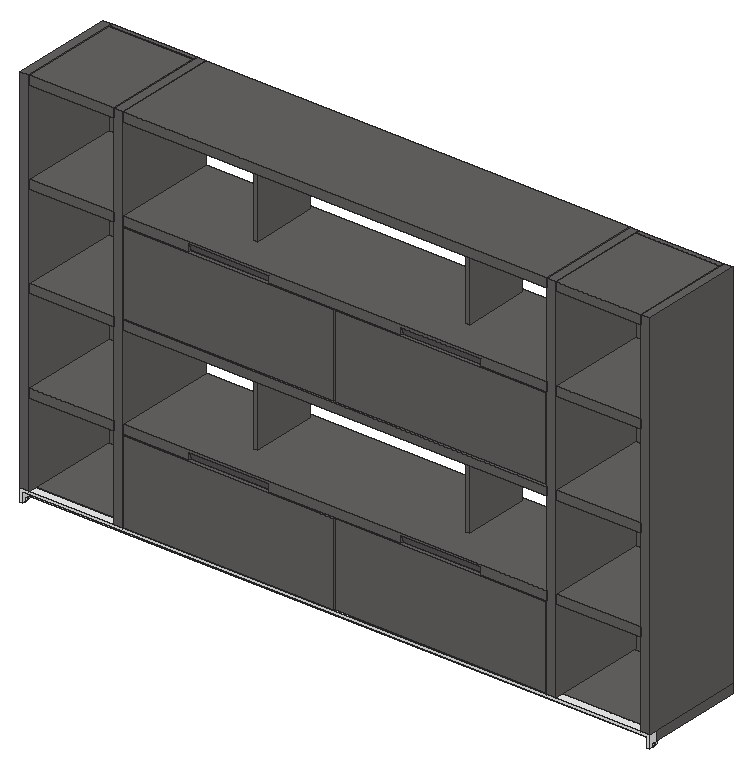
Revit family "Bookcase-Teknion-ZXBE_Storage_Front_Shelves-R2011", category Furniture Systems, Revit 2013
Parameters (values of type "18"x108"X66", Lateral File Drawers")
  Has Right File Drawer = yes
  Has Left File Drawer = yes
  Width = 108.819"
  Warranty = "http://www.teknionstudio.com/pdfs/Teknion%20Studio%20Warranty.pdf"
  Unit Weight = 780.00 lbf
  Unit Finish [instance] = Veneer - Teknion - P7 - Grey Oak
  URL = "www.teknionstudio.com"
  Series = "B&B Italia"
  Product Page URL = "http://www.teknionstudio.com/acexecutive/"
  Product Line = "AC Executive"
  Product Documentation Link = "http://www.teknionstudio.com/pricing/ac_executive_ppg.pdf"
  Percentage of Recycled Content = 0
  Part Number = "ZXBE"
  Model = "ZXBE1810866F"
  Manufacturer Phone = "919-464-2920"
  Manufacturer Fax = "919-464-2927"
  Manufacturer Email = "customersupport@teknionstudio.com"
  Manufacturer Address = "3940 US 70 Business HWY West, Clayton, NC 27520"
  Manufacturer = "Teknion Studio"  # constant formula
  Low Emitting Material = yes
  Low Emitting Finish = yes
  Height = 66.712"
  Has Right Hidden Box = no
  Has Left Hidden Box = no
  Description = "Bookcase w/Storage & Front Access Shlvs, 18\"dx108\"wx66\"h, Lat File Drawers"
  Depth = 18.000"
  Assembly Code = "E2020200"
Types (5): name | Model | Has Right Hidden Box | Has Left Hidden Box | Description
  (no name) | "ZXBE1810866F" | no | no | "Bookcase w/Storage & Front Access Shlvs, 18\"dx108\"wx66\"h, Lat File Drawers"
  18"x108"x66", Hidden Box, Lateral File Drawer | "ZXBE1810866B" | yes | yes | "Bookcase w/Storage & Front Access Shlvs, 18\"dx108\"wx66\"h, Hidden Box & Lat File Drawer"
  18"x108"X66", Lateral File Drawers | "ZXBE1810866F" | no | no | "Bookcase w/Storage & Front Access Shlvs, 18\"dx108\"wx66\"h, Lat File Drawers"
  18"x108"x66", Left Lateral File, Right Hidden Box/Lateral File | "ZXBE1810866X" | yes | no | "Bookcase w/Storage & Front Access Shlvs, 18\"dx108\"wx66\"h, Lt Lat File, Rt Hidden Box/Lat File"
  18"x108"x66", Left Hidden Box/Lateral File, Right Lateral File | "ZXBE1810866Y" | no | yes | "Bookcase w/Storage & Front Access Shlvs, 18\"dx108\"wx66\"h, Lt Hidden Box/Lat File, Rt Lat File"
Reference planes (in)
  plane 1 "Center F/B": y = 0
  plane 2: z = 0
  plane 3 "L": x = -29.014
  plane 4 "Back": y = 9
  plane 5 "Front": y = -9
  plane 6 "Flip up Cabinets Top": z = 50.56622
  plane 7 "R": x = 44.372
  plane 8: z = 18.27467
  plane 9: z = 34.42045
  plane 10: z = 2.1289
  plane 11 "Center (Left/Right)": x = 7.679
  plane 12 "Foot Centerline": y = -8.2126
  plane 13 "Top": z = 66.712
  plane 14: x = -46.7305
  plane 15: x = 62.0885
  plane 16: x = 26.02446
Forms (in)
  Sweep 1, solid, material "Metal - Teknion - C6 - Chrome"
    path origin (0, 0, 0) x (1, 0, 0) y (0, 0, 1)
      loop
        line (-46.7305, 0.05803) -> (-46.7305, 2.1289) -> (62.0885, 2.1289) -> (62.0885, 0.05803)
    profile origin (7.679, 0, 2.1289) x (0, 0, 1) y (0, -1, 0)
      loop
        line (0, 9) -> (-0.394, 9) -> (-0.394, 7.4252) -> (0, 7.4252) -> (0, 9)
  Sweep 2, solid, material "Metal - Teknion - C6 - Chrome"
    path origin (0, 0, 0) x (1, 0, 0) y (0, 0, 1)
      loop
        line (-46.7305, 2.1289) -> (62.0885, 2.1289)
    profile origin (7.679, 0, 2.1289) x (0, 0, 1) y (0, -1, 0)
      loop
        line (-0.394, 7.6222) -> (-1.5748, 7.6222) -> (-1.5748, 7.4252) -> (-0.394, 7.4252) -> (-0.394, 7.6222)
  Revolve 3, solid, material "Metal - Teknion - C6 - Chrome"
    sketch origin (-17.717, -8.2126, 0) x (0, 0, -1) y (1, 0, 0)
      loop
        line (-0.4911, -28.817) -> (-0.4911, -29.15165) -> (-0.45173, -29.19102) -> (-0.28492, -29.19102) -> (-0.24555, -29.15165) -> (-0.20618, -29.19102) -> (-0.03937, -29.19102) -> (0, -29.15165) -> (0, -28.817) -> (-0.4911, -28.817)
      axis (0, -28.817) -> (-0.4911, -28.817)
    angle from 0 to 360
  Sweep 4, solid, material "Veneer - Teknion - P7 - Grey Oak" <- "Unit Finish"
    path origin (0, 0, 0) x (1, 0, 0) y (0, 0, 1)
      loop
        line (-29.014, 18.27467) -> (44.372, 18.27467)
    profile origin (7.679, 0, 18.27467) x (0, 0, 1) y (0, -1, 0)
      loop
        line (0, 9) -> (-1.5394, 9) -> (-1.5394, -9) -> (0, -9) -> (0, 9)
      loop
        line (30.75218, -9) -> (32.29155, -9) -> (32.29155, 9) -> (30.75218, 9) -> (30.75218, -9)
      loop
        line (16.14578, 9) -> (14.60641, 9) -> (14.60641, -9) -> (16.14578, -9) -> (16.14578, 9)
  Sweep 5, solid, material "Veneer - Teknion - P7 - Grey Oak" <- "Unit Finish"
    path origin (0, 0, 15.40683) x (-1, 0, 0) y (0, -1, 0)
      loop
        line (-7.679, -8.25197) -> (-7.679, 3.1417)
    profile origin (7.679, 2.55513, 15.40683) x (1, 0, 0) y (0, 0, 1)
      loop
        line (-18.6428, 49.76577) -> (-18.6428, 35.15939) -> (-18.04831, 35.15939) -> (-18.04831, 49.76577) -> (-18.6428, 49.76577)
      loop
        line (18.6428, 49.76577) -> (18.04831, 49.76577) -> (18.04831, 35.15939) -> (18.6428, 35.15939) -> (18.6428, 49.76577)
      loop
        line (-18.6428, 17.47422) -> (-18.6428, 2.86784) -> (-18.04831, 2.86784) -> (-18.04831, 17.47422) -> (-18.6428, 17.47422)
      loop
        line (18.6428, 17.47422) -> (18.04831, 17.47422) -> (18.04831, 2.86784) -> (18.6428, 2.86784) -> (18.6428, 17.47422)
  Sweep 6, solid, material "Veneer - Teknion - P7 - Grey Oak" <- "Unit Finish"
    path origin (0, 0, 48.43733) x (1, 0, 0) y (0, 0, 1)
      loop
        line (-29.014, 18.27467) -> (44.372, 18.27467)
    profile origin (7.679, 0, 66.712) x (0, 0, 1) y (0, -1, 0)
      loop
        line (0, 9) -> (-1.5394, 9) -> (-1.5394, -9) -> (0, -9) -> (0, 9)
      loop
        line (-64.5831, -9) -> (-64.5831, 7.4252) -> (-66.15791, 7.4252) -> (-66.15791, -9) -> (-64.5831, -9)
  Sweep 7, solid, material "Veneer - Teknion - P7 - Grey Oak" <- "Unit Finish"
    path origin (0, 0, -4) x (1, 0, 0) y (0, 0, 1)
      loop
        line (-29.014, 38.42045) -> (44.372, 38.42045)
    profile origin (7.679, 0, 34.42045) x (0, 0, 1) y (0, -1, 0)
      loop
        line (14.60641, -8.25197) -> (0, -8.25197) -> (0, -9) -> (14.60641, -9) -> (14.60641, -8.25197)
      loop
        line (-17.68515, -8.25197) -> (-32.29155, -8.25197) -> (-32.29155, -9) -> (-17.68515, -9) -> (-17.68515, -8.25197)
  Revolve 8, solid, material "Metal - Teknion - C6 - Chrome"
    sketch origin (33.075, -8.2126, 0) x (0, 0, -1) y (-1, 0, 0)
      loop
        line (-0.4911, -28.817) -> (-0.4911, -29.15165) -> (-0.45173, -29.19102) -> (-0.28492, -29.19102) -> (-0.24555, -29.15165) -> (-0.20618, -29.19102) -> (-0.03937, -29.19102) -> (0, -29.15165) -> (0, -28.817) -> (-0.4911, -28.817)
      axis (0, -28.817) -> (-0.4911, -28.817)
    angle from 0 to 360
  Sweep 9, solid, material "Veneer - Teknion - P7 - Grey Oak" <- "Unit Finish"
    path origin (0, 0, 0) x (1, 0, 0) y (0, 1, 0)
      loop
        line (7.679, -9) -> (7.679, -8.2756)
    profile origin (7.679, -8.6378, 0) x (-1, 0, 0) y (0, 0, 1)
      loop
        line (36.443, 16.48527) -> (0.125, 16.48527) -> (0.125, 2.3789) -> (36.443, 2.3789) -> (36.443, 16.48527)
      loop
        line (-36.443, 16.48527) -> (-36.443, 2.3789) -> (-0.125, 2.3789) -> (-0.125, 16.48527) -> (-36.443, 16.48527)
      loop
        line (36.443, 34.67045) -> (36.443, 48.77682) -> (0.125, 48.77682) -> (0.125, 34.67045) -> (36.443, 34.67045)
      loop
        line (-36.443, 34.67045) -> (-0.125, 34.67045) -> (-0.125, 48.77682) -> (-36.443, 48.77682) -> (-36.443, 34.67045)
  Sweep 10, void
    path origin (0, -9, 0) x (1, 0, 0) y (0, 0, 1)
      loop
        line (-17.55631, 0) -> (-3.77681, 0)
    profile origin (-10.66656, -9, 0) x (0, 0, 1) y (0, -1, 0)
      loop
        line (16.73527, 0) -> (16.73527, -0.4724) -> (17.88078, 0) -> (16.73527, 0)
      loop
        line (49.02685, 0) -> (49.02685, -0.4724) -> (50.17236, 0) -> (49.02685, 0)
  Sweep 11, void
    path origin (33.54374, -9, 0) x (1, 0, 0) y (0, 0, 1)
      loop
        line (-14.40893, 0) -> (-0.62943, 0)
    profile origin (26.02456, -9, 0) x (0, 0, 1) y (0, -1, 0)
      loop
        line (16.73527, 0) -> (16.73527, -0.4724) -> (17.88078, 0) -> (16.73527, 0)
      loop
        line (49.02685, 0) -> (49.02685, -0.4724) -> (50.17236, 0) -> (49.02685, 0)
Cuts and joins
  joined: Sweep 1, Sweep 2, Revolve 3
  Sweep 10, Sweep 11 cuts Sweep 4
  Sweep 10, Sweep 11 cuts Sweep 6
  Sweep 10, Sweep 11 cuts Sweep 9
Lines and regions (in)
  Masking region 1
    outline origin (0, 0, 15.40683) x (-1, 0, 0) y (0, -1, 0)
      loop
        line (29.014, -9) -> (29.014, 9) -> (-44.372, 9) -> (-44.372, -9) -> (29.014, -9)
  symbolic lines, style "Elevation Swing"
    curve 1: line (-28.764, -9, 48.77682) -> (-10.60495, -9, 34.67045)
    curve 2: line (-10.60495, -9, 34.67045) -> (7.554, -9, 48.77682)
    curve 3: line (7.804, -9, 48.77682) -> (25.96295, -9, 34.65862)
    curve 4: line (25.96295, -9, 34.65862) -> (44.122, -9, 48.77682)
  symbolic lines, style "FurnitureSystemsHiddenLines", visible <- "Has Left Hidden Box"
    curve 5: line (-28.01646, -9, 11.36517) -> (6.68354, -9, 11.36517)
    curve 6: line (-28.01646, -9, 15.73527) -> (-28.01646, -9, 11.36517)
    curve 7: line (6.68354, -9, 15.73527) -> (-28.01646, -9, 15.73527)
    curve 8: line (6.68354, -9, 11.36517) -> (6.68354, -9, 15.73527)
  symbolic lines, style "FurnitureSystemsHiddenLines", visible <- "Has Right Hidden Box"
    curve 9: line (43.37446, -9, 11.36517) -> (8.67446, -9, 11.36517)
    curve 10: line (43.37446, -9, 15.73527) -> (43.37446, -9, 11.36517)
    curve 11: line (8.67446, -9, 15.73527) -> (43.37446, -9, 15.73527)
    curve 12: line (8.67446, -9, 11.36517) -> (8.67446, -9, 15.73527)
  symbolic lines, style "FurnitureSystemsHiddenLines", visible <- "Has Left File Drawer"
    curve 13: line (-28.01646, -9, 2.96517) -> (6.68354, -9, 2.96517)
    curve 14: line (-28.01646, -9, 9.66517) -> (-28.01646, -9, 2.96517)
    curve 15: line (6.68354, -9, 9.66517) -> (-28.01646, -9, 9.66517)
    curve 16: line (6.68354, -9, 2.96517) -> (6.68354, -9, 9.66517)
  symbolic lines, style "FurnitureSystemsHiddenLines", visible <- "Has Right File Drawer"
    curve 17: line (43.37446, -9, 2.96517) -> (8.67446, -9, 2.96517)
    curve 18: line (43.37446, -9, 9.66517) -> (43.37446, -9, 2.96517)
    curve 19: line (8.67446, -9, 9.66517) -> (43.37446, -9, 9.66517)
    curve 20: line (8.67446, -9, 2.96517) -> (8.67446, -9, 9.66517)
Dimensions and locks (in)
  equal spacing: plane 4 "Back", plane 1 "Center F/B", plane 5 "Front"
  "Depth": plane 4 "Back" to plane 5 "Front"
  "Height": plane 13 "Top" to plane 2
  locked: plane 10 to plane 2 at 2.1289
  locked: Sweep 1 sketch curve to plane 2 at 0.05803  (x2)
  locked: plane 10 to Sweep 2 sketch curve at 0.394
  locked: Sweep 2 sketch curve to Sweep 2 sketch curve at 1.1808
  plane 5 "Front" to Sweep 2 sketch curve to Sweep 2 sketch curve = 1.3778" locked, 0.197" locked
  locked: plane 5 "Front" to plane 12 "Foot Centerline" at 0.7874
  locked: plane 8 to Sweep 4 sketch curve at 1.5394
  locked: plane 6 "Flip up Cabinets Top" to Sweep 4 sketch curve at 1.53937
  equal spacing: plane 13 "Top", plane 6 "Flip up Cabinets Top", plane 9, plane 8, plane 10
  locked: plane 9 to Sweep 4 sketch curve at 1.53937
  locked: plane 13 "Top" to Sweep 6 sketch curve at 1.5394
  locked: plane 10 to Sweep 6 sketch curve at 1.5748
  locked: Sweep 6 sketch curve to plane 5 "Front" at 1.5748
  locked: Sweep 5 sketch curve to Sweep 5 sketch curve at 0.59449  (x4)
  locked: plane 4 "Back" to Sweep 5 sketch curve at 0.74803
  locked: plane 4 "Back" to Sweep 5 sketch curve at 12.1417
  locked: plane 13 "Top" to Sweep 5 sketch curve at 1.5394
  locked: plane 9 to Sweep 5 sketch curve at 1.5394
  plane 9 to Sweep 5 sketch curve = 1.5394"
  locked: Sweep 5 sketch curve to plane 3 "L" at 18.0502  (x2)
  locked: plane 7 "R" to Sweep 5 sketch curve at 18.0502  (x2)
  locked: plane 4 "Back" to Sweep 7 sketch curve at 0.74803  (x2)
  locked: plane 8 to Sweep 7 sketch curve at 1.53937
  locked: plane 6 "Flip up Cabinets Top" to Sweep 7 sketch curve at 1.53937
  Revolve 3 sketch curve to Revolve 3 sketch curve to Revolve 3 sketch curve to Revolve 3 sketch curve to Revolve 3 sketch curve = 0.16681" locked, 0.03937" locked, 0.03937" locked, 0.16681" locked
  plane 3 "L" to Revolve 3 sketch curve = 17.520"
  Revolve 8 sketch curve to Revolve 8 sketch curve to Revolve 8 sketch curve to Revolve 8 sketch curve to Revolve 8 sketch curve = 0.16681" locked, 0.03937" locked, 0.03937" locked, 0.16681" locked
  Revolve 8 sketch curve to plane 7 "R" = 17.520"
  equal spacing: plane 14, plane 11 "Center (Left/Right)", plane 15
  "Width": plane 14 to plane 15
  locked: plane 5 "Front" to Sweep 9 sketch curve at 0.7244
  locked: Sweep 9 sketch curve to plane 3 "L" at 0.25  (x2)
  locked: plane 8 to Sweep 9 sketch curve at 1.7894  (x2)
  locked: plane 11 "Center (Left/Right)" to Sweep 9 sketch curve at 0.125
  locked: Sweep 9 sketch curve to plane 10 at 0.25  (x2)
  locked: Sweep 9 sketch curve to plane 11 "Center (Left/Right)" at 0.125
  locked: plane 7 "R" to Sweep 9 sketch curve at 0.25
  Sweep 9 sketch curve to plane 11 "Center (Left/Right)" to Sweep 9 sketch curve = 0.125" locked, 0.125" locked
  locked: Sweep 9 sketch curve to plane 7 "R" at 0.25
  locked: plane 6 "Flip up Cabinets Top" to Sweep 9 sketch curve at 1.7894  (x2)
  locked: Sweep 9 sketch curve to plane 9 at 0.25  (x2)
  locked: plane 8 to Sweep 10 sketch curve at 1.5394
  locked: plane 6 "Flip up Cabinets Top" to Sweep 10 sketch curve at 1.53937
  locked: plane 6 "Flip up Cabinets Top" to Sweep 11 sketch curve at 1.53937
  locked: plane 8 to Sweep 11 sketch curve at 1.5394
  locked: curve 7 to curve 5 at 4.3701
  locked: plane 14 to plane 3 "L" at 17.7165
  locked: plane 7 "R" to plane 15 at 17.7165
  locked: curve 6 to curve 8 at 34.7
  locked: plane 8 to curve 7 at 2.5394
  Sweep 10 sketch curve to Sweep 10 sketch curve to plane 3 "L" = 13.7795" locked, 11.45769" locked
  Sweep 11 sketch curve to Sweep 11 sketch curve to plane 7 "R" = 13.7795" locked, 11.45769" locked
  locked: plane 11 "Center (Left/Right)" to curve 8 at 0.99546
  locked: curve 11 to curve 9 at 4.3701
  locked: curve 10 to curve 12 at 34.7
  locked: curve 12 to plane 11 "Center (Left/Right)" at 0.99546
  locked: plane 8 to curve 11 at 2.5394
  locked: curve 15 to curve 13 at 6.7
  locked: curve 14 to curve 16 at 34.7
  locked: curve 5 to curve 15 at 1.7
  locked: curve 19 to curve 17 at 6.7
  locked: curve 18 to curve 20 at 34.7
  locked: curve 9 to curve 19 at 1.7
  curve 20 to plane 11 "Center (Left/Right)" to curve 16 = 0.99546" locked, 0.99546" locked
  plane 5 "Front" to cut or joined group of Sweep 1, Sweep 2, Revolve 3 = 1.5748"
  aligned and locked: level to plane 2
  aligned and locked: Sweep 1 sketch curve to plane 10  (x2)
  aligned and locked: Sweep 1 sketch curve to plane 5 "Front"
  aligned and locked: Sweep 2 sketch curve to plane 10
  aligned and locked: Sweep 4 sketch curve to plane 8  (x2)
  aligned and locked: Sweep 4 sketch curve to plane 5 "Front"  (x2)
  aligned and locked: plane 4 "Back" to Sweep 4 sketch curve  (x3)
  aligned and locked: Masking region 1 sketch curve to plane 4 "Back"
  aligned and locked: plane 3 "L" to Masking region 1 sketch curve
  aligned and locked: Masking region 1 sketch curve to plane 5 "Front"
  aligned and locked: Sweep 5 sketch curve to plane 11 "Center (Left/Right)"
  aligned and locked: plane 6 "Flip up Cabinets Top" to Sweep 5 sketch curve
  aligned and locked: Sweep 4 sketch curve to plane 6 "Flip up Cabinets Top"
  aligned and locked: plane 9 to Sweep 4 sketch curve
  aligned and locked: plane 5 "Front" to Sweep 4 sketch curve
  aligned and locked: Sweep 6 sketch curve to plane 4 "Back"  (x2)
  aligned and locked: plane 5 "Front" to Sweep 6 sketch curve
  aligned and locked: plane 13 "Top" to Sweep 6 sketch curve
  aligned and locked: plane 3 "L" to Sweep 6 sketch curve
  aligned and locked: plane 7 "R" to Sweep 6 sketch curve
  aligned and locked: Sweep 6 sketch curve to plane 13 "Top"
  aligned and locked: Sweep 6 sketch curve to plane 10
  aligned and locked: Sweep 5 sketch curve to plane 8
  aligned and locked: plane 8 to Sweep 5 sketch curve
  aligned and locked: Sweep 7 sketch curve to plane 9  (x2)
  aligned and locked: plane 4 "Back" to Sweep 7 sketch curve  (x2)
  aligned and locked: Sweep 7 sketch curve to plane 10
  aligned and locked: Revolve 3 sketch curve to plane 2
  aligned and locked: plane 2 to Revolve 8 sketch curve
  aligned and locked: Sweep 1 sketch curve to plane 14
  aligned and locked: Sweep 1 sketch curve to plane 15
  aligned and locked: plane 14 to Sweep 2 sketch curve
  aligned and locked: plane 15 to Sweep 2 sketch curve
  aligned and locked: plane 5 "Front" to Sweep 9 sketch curve
  aligned and locked: plane 11 "Center (Left/Right)" to Sweep 9 sketch curve
  aligned and locked: Sweep 10 sketch curve to plane 2
  aligned and locked: plane 5 "Front" to Sweep 10 sketch curve  (x2)
  aligned and locked: plane 5 "Front" to Sweep 11 sketch curve  (x2)
  aligned and locked: curve 2 to cut or joined group of Sweep 9, Sweep 10, Sweep 11
  aligned and locked: curve 1 to cut or joined group of Sweep 9, Sweep 10, Sweep 11
  aligned and locked: cut or joined group of Sweep 9, Sweep 10, Sweep 11 to curve 1
  aligned and locked: cut or joined group of Sweep 9, Sweep 10, Sweep 11 to cut or joined group of Sweep 9, Sweep 10, Sweep 11
  aligned and locked: cut or joined group of Sweep 9, Sweep 10, Sweep 11 to curve 2
  aligned and locked: cut or joined group of Sweep 9, Sweep 10, Sweep 11 to curve 4
  aligned and locked: curve 4 to cut or joined group of Sweep 9, Sweep 10, Sweep 11
  aligned and locked: curve 3 to cut or joined group of Sweep 9, Sweep 10, Sweep 11
  aligned and locked: cut or joined group of Sweep 9, Sweep 10, Sweep 11 to curve 3
  aligned and locked: plane 3 "L" to Sweep 4 sketch curve
  aligned and locked: plane 7 "R" to Sweep 4 sketch curve
  aligned and locked: plane 3 "L" to Sweep 7 sketch curve
  aligned and locked: plane 7 "R" to Sweep 7 sketch curve
  aligned and locked: plane 3 "L" to nested 1
  aligned and locked: plane 7 "R" to nested 2
  aligned and locked: plane 1 "Center F/B" to nested 2
  aligned and locked: plane 1 "Center F/B" to nested 1
Automatic sketch dimensions
  profile plane to Sweep 1 sketch curve = 0.394"
  Sweep 1 sketch curve to Sweep 1 sketch curve = 1.5748"
  level to Revolve 3 sketch curve = 0.03937"
  Revolve 3 sketch curve to plane 3 "L" = 17.85465"  (x2)
  Revolve 3 sketch curve to Revolve 3 sketch curve = 0.03937"  (x3)
  Revolve 3 sketch curve to Revolve 3 sketch curve = 0.73976"
  Revolve 3 sketch curve to level = 0.43399"
  Revolve 3 sketch curve to plane 3 "L" = 17.520"
  Masking region 1 sketch curve to plane 7 "R" = 0.000"
  Sweep 5 sketch curve to Sweep 5 sketch curve = 17.68518"
  Sweep 5 sketch curve to Sweep 5 sketch curve = 14.60638"
  Revolve 8 sketch curve to level = 0.03937"
  Revolve 8 sketch curve to plane 7 "R" = 17.85465"  (x2)
  Revolve 8 sketch curve to Revolve 8 sketch curve = 0.03937"  (x3)
  Revolve 8 sketch curve to Revolve 8 sketch curve = 0.73976"
  level to Revolve 8 sketch curve = 0.43399"
  Revolve 8 sketch curve to plane 7 "R" = 17.520"
  Sweep 11 sketch curve to level = 0.000"
  plane 9 to curve 1 = 0.250"
  curve 1 to plane 11 "Center (Left/Right)" = 18.28395"
  plane 9 to curve 3 = 0.23817"
  plane 11 "Center (Left/Right)" to curve 3 = 18.28395"
  Sweep 10 sketch curve to Sweep 10 sketch curve = 1.14551"  (x2)
  Sweep 10 sketch curve to Sweep 10 sketch curve = 0.4724"
  Sweep 10 sketch curve to plane 5 "Front" = 0.4724"
  Sweep 11 sketch curve to Sweep 11 sketch curve = 1.14551"  (x2)
  Sweep 11 sketch curve to Sweep 11 sketch curve = 0.4724"
  Sweep 11 sketch curve to plane 5 "Front" = 0.4724"
Nested families (in)
  nested 1: "Bookcase-Unit-Teknion-Front_Shelves" at (-37.8725, 0, 0), type "Front Access Shelves"
  nested 2: "Bookcase-Unit-Teknion-Front_Shelves" at (53.2305, 0, 0), type "Front Access Shelves"
Definition of nested family "Bookcase-Unit-Teknion-Front_Shelves"
  Parameters (values of type "Front Access Shelves")
    Width = 17.717"
    Wall Unit Finish = Veneer - Teknion - P7 - Grey Oak
    URL = ""
    Model = ""
    Manufacturer = "Teknion Studio"  # constant formula
    Height = 66.712"
    Description = ""
    Depth = 18.000"
    Assembly Code = "E2010200"
  Reference planes (in)
    plane 1 "Center F/B": y = 0
    plane 2: z = 0
    plane 3 "Center L/R": x = 0
    plane 4 "Left": x = -8.8585
    plane 5 "Right": x = 8.8585
    plane 6 "Back": y = 9
    plane 7 "Front": y = -9
    plane 8 "Top": z = 66.712
    plane 9: x = -7.31913
    plane 10: x = 7.31913
    plane 11: z = 2.1289
    plane 12: z = 50.56622
    plane 13: z = 34.42045
    plane 14: z = 18.27467
  Forms (in)
    Sweep 1, solid, material "Veneer - Teknion - P7 - Grey Oak" <- "Wall Unit Finish"
      path origin (0, -9, 0) x (1, 0, 0) y (0, 0, 1)
        loop
          line (0, 2.1289) -> (0, 66.712)
      profile origin (0, -9, 34.42045) x (-1, 0, 0) y (0, -1, 0)
        loop
          line (7.31913, -18) -> (7.31913, -17.25) -> (-7.31913, -17.25) -> (-7.31913, -18) -> (7.31913, -18)
    Sweep 2, solid, material "Veneer - Teknion - P7 - Grey Oak" <- "Wall Unit Finish"
      path origin (0, 0, 0) x (1, 0, 0) y (0, 1, 0)
        loop
          line (0, 9) -> (0, -9)
      profile origin (0, 0, 0) x (1, 0, 0) y (0, 0, 1)
        loop
          line (-8.8585, 66.712) -> (-8.8585, 2.1289) -> (-7.31913, 2.1289) -> (-7.31913, 66.712) -> (-8.8585, 66.712)
        loop
          line (7.31913, 66.712) -> (7.31913, 2.1289) -> (8.8585, 2.1289) -> (8.8585, 66.712) -> (7.31913, 66.712)
    Sweep 3, solid, material "Veneer - Teknion - P7 - Grey Oak" <- "Wall Unit Finish"
      path origin (0, 0, 0) x (1, 0, 0) y (0, 1, 0)
        loop
          line (0, 8.25) -> (0, -9)
      profile origin (0, -0.375, 0) x (1, 0, 0) y (0, 0, 1)
        loop
          line (-7.31913, 66.712) -> (-7.31913, 65.1726) -> (7.31913, 65.1726) -> (7.31913, 66.712) -> (-7.31913, 66.712)
        loop
          line (-7.31913, 50.56622) -> (-7.31913, 49.02682) -> (7.31913, 49.02682) -> (7.31913, 50.56622) -> (-7.31913, 50.56622)
        loop
          line (-7.31913, 34.42045) -> (-7.31913, 32.88105) -> (7.31913, 32.88105) -> (7.31913, 34.42045) -> (-7.31913, 34.42045)
        loop
          line (-7.31913, 18.27467) -> (-7.31913, 16.73527) -> (7.31913, 16.73527) -> (7.31913, 18.27467) -> (-7.31913, 18.27467)
    Sweep 4, solid, material "Veneer - Teknion - P7 - Grey Oak" <- "Wall Unit Finish"
      path origin (0, 0, 0) x (1, 0, 0) y (0, 1, 0)
        loop
          line (0, 9) -> (0, -7.425)
      profile origin (0, 0.7875, 0) x (1, 0, 0) y (0, 0, 1)
        loop
          line (-8.8585, 0.5895) -> (8.8585, 0.5895) -> (8.8585, 2.1289) -> (-8.8585, 2.1289) -> (-8.8585, 0.5895)
  Lines and regions (in)
    Masking region 1
      outline origin (0, 0, 15.40683) x (-1, 0, 0) y (0, -1, 0)
        loop
          line (8.8585, -9) -> (8.8585, 9) -> (-8.8585, 9) -> (-8.8585, -9) -> (8.8585, -9)
    symbolic lines, style "FurnitureSystems", detail levels medium+fine
      curve 1: line (-7.31913, 9, 15.40683) -> (-7.31913, -9, 15.40683)
      curve 2: line (7.31913, 9, 15.40683) -> (7.31913, -9, 15.40683)
  Dimensions and locks (in)
    equal spacing: plane 4 "Left", plane 3 "Center L/R", plane 5 "Right"
    "Width": plane 4 "Left" to plane 5 "Right"
    equal spacing: plane 6 "Back", plane 1 "Center F/B", plane 7 "Front"
    "Depth": plane 6 "Back" to plane 7 "Front"
    locked: plane 4 "Left" to plane 9 at 1.53937
    locked: plane 10 to plane 5 "Right" at 1.53937
    "Height": plane 8 "Top" to level
    locked: plane 11 to plane 2 at 2.1289
    locked: plane 6 "Back" to Sweep 1 sketch curve at 0.75
    equal spacing: plane 8 "Top", plane 12, plane 13, plane 14, plane 11
    locked: plane 6 "Back" to Sweep 3 sketch curve at 0.75
    locked: Sweep 3 sketch curve to plane 8 "Top" at 1.5394
    locked: Sweep 3 sketch curve to plane 12 at 1.5394
    locked: Sweep 3 sketch curve to plane 13 at 1.5394
    locked: Sweep 3 sketch curve to plane 14 at 1.5394
    locked: plane 7 "Front" to Sweep 4 sketch curve at 1.575
    locked: plane 11 to Sweep 4 sketch curve at 1.5394
    aligned and locked: level to plane 2
    aligned and locked: plane 11 to Sweep 1 sketch curve
    aligned and locked: plane 3 "Center L/R" to Sweep 1 sketch curve
    aligned and locked: plane 9 to Sweep 1 sketch curve
    aligned and locked: Sweep 1 sketch curve to plane 10
    aligned and locked: Sweep 1 sketch curve to plane 6 "Back"
    aligned and locked: plane 4 "Left" to Masking region 1 sketch curve
    aligned and locked: Masking region 1 sketch curve to plane 6 "Back"
    aligned and locked: Masking region 1 sketch curve to plane 5 "Right"
    aligned and locked: Masking region 1 sketch curve to plane 7 "Front"
    aligned and locked: plane 6 "Back" to curve 1
    aligned and locked: curve 1 to plane 9
    aligned and locked: plane 7 "Front" to curve 2
    aligned and locked: plane 6 "Back" to curve 2
    aligned and locked: curve 2 to plane 10
    aligned and locked: plane 6 "Back" to Sweep 2 sketch curve
    aligned and locked: Sweep 2 sketch curve to plane 3 "Center L/R"
    aligned and locked: plane 4 "Left" to Sweep 2 sketch curve
    aligned and locked: Sweep 2 sketch curve to plane 9
    aligned and locked: Sweep 2 sketch curve to plane 8 "Top"  (x2)
    aligned and locked: Sweep 2 sketch curve to plane 5 "Right"
    aligned and locked: plane 10 to Sweep 2 sketch curve
    aligned and locked: plane 11 to Sweep 2 sketch curve  (x2)
    aligned and locked: plane 7 "Front" to Sweep 3 sketch curve
    aligned and locked: Sweep 3 sketch curve to plane 3 "Center L/R"
    aligned and locked: plane 14 to Sweep 3 sketch curve
    aligned and locked: plane 13 to Sweep 3 sketch curve
    aligned and locked: plane 12 to Sweep 3 sketch curve
    aligned and locked: plane 8 "Top" to Sweep 3 sketch curve
    aligned and locked: plane 10 to Sweep 3 sketch curve  (x4)
    aligned and locked: Sweep 3 sketch curve to plane 9  (x4)
    aligned and locked: plane 8 "Top" to Sweep 1 sketch curve
    aligned and locked: plane 7 "Front" to Sweep 2 sketch curve
    aligned and locked: Sweep 4 sketch curve to plane 3 "Center L/R"
    aligned and locked: plane 11 to Sweep 4 sketch curve
    aligned and locked: Sweep 4 sketch curve to plane 4 "Left"
    aligned and locked: plane 5 "Right" to Sweep 4 sketch curve
    aligned and locked: plane 6 "Back" to Sweep 4 sketch curve
  Automatic sketch dimensions
    plane 7 "Front" to curve 1 = 0.000"
